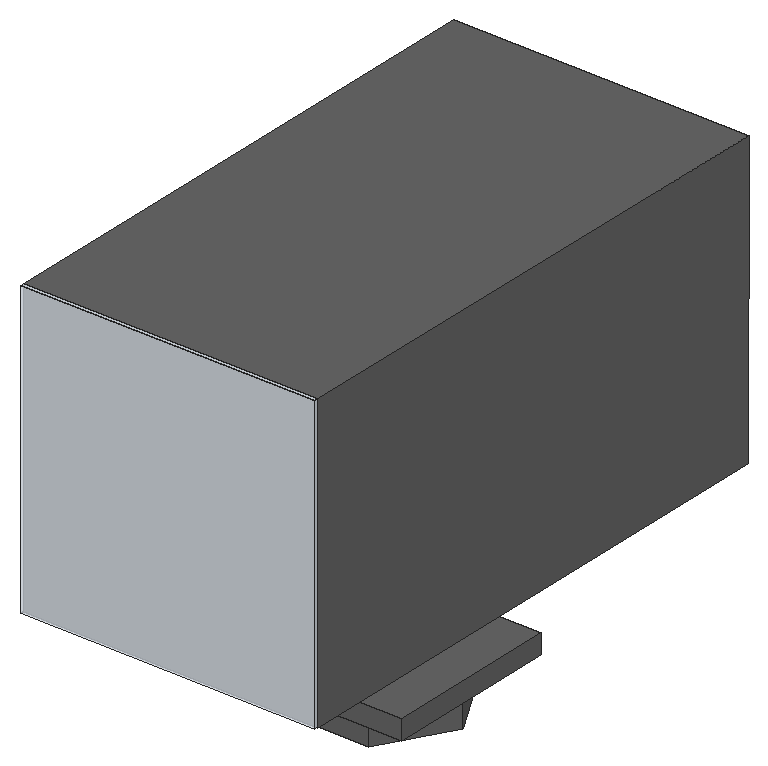
Revit family "LTC-6SQD-W", category Lighting Fixtures, host Face, Revit 2017
Family settings
  Host = Face
  Round Connector Dimension = Use Diameter
  Part Type = Normal
  OmniClass Number = 23.80.70.11.14.11
  OmniClass Title = Downlights
  Cut with Voids When Loaded = No
  Light Source = Yes
  Shared = No
  Room Calculation Point = No
Parameters (values of type "LTC-6SQD-W")
  Wattage Comments = "8-52W"  # constant formula
  Wattage = 70 W
  Warranty = "• 5 year warranty\r\n• See HLI Standard Warranty for\r\nadditional information"  # constant formula
  built-in parameter 1150110 = 1 (stored number, unit not read)
  Voltage = 120 V
  built-in parameter 1114217 = 1 (stored number, unit not read)
  Tilt Angle = -90.00°  # constant formula
  built-in parameter 1150109 = 1 (stored number, unit not read)
  built-in parameter 1150134 = 3
  built-in parameter 1150113 = 1 (stored number, unit not read)
  Recessed = yes
  Photometric Web File = "LTC-6SQD-P-06L35K8MD-DM1-S-BL.ies"
  Features = "•\t6inch architectural LED square downlight and wall wash cylinder delivering 600 - 4000 lm\r\n•\t4 beam distributions from 0.6 to 1.2 Spacing Criteria\r\n•\tQuiet reflector appearance with 50º optical cutoff\r\n•\t2700K - 5000K, 80+ and 90+ CRI options\r\n•\tAvailable in Surface, Wall, Pendant, or Cord Mount configurations\r\n•\tPowerHUBB™ enables low-voltage wired connectivity for Power over Ethernet (PoE) network system deployment\r\n•\t2 SDCM color consistency\r\n•\tLong life L90 at 55,000 hrs (TM-21)\r\n•\tFive year warranty\r\n\r\n"  # constant formula
  built-in parameter 1150105 = -12994800 (stored number, unit not read)
  Lumens = 4900 lm
  built-in parameter 1150115 = 1 (stored number, unit not read)
  built-in parameter 1150137 = (empty or 0)
  built-in parameter 1150139 = (empty or 0)
  built-in parameter 1150112 = 1 (stored number, unit not read)
  built-in parameter 1150114 = 1 (stored number, unit not read)
  built-in parameter 1150132 = (empty or 0)
  built-in parameter 1150102 = (empty or 0)
  built-in parameter 1150107 = 3200 (stored number, unit not read)
  built-in parameter 1150138 = (empty or 0)
  built-in parameter 1150106 = -129948 (stored number, unit not read)
  Emit from Rectangle Width = 7.500"  # constant formula
  Emit from Rectangle Length = 7.500"  # constant formula
  Emit Shape Visible in Rendering = no
  built-in parameter 1150104 = 6.5032 (stored number, unit not read)
  Distance = 10.470"
  Dimming Lamp Color Temperature Shift = <None>
  Copyright = "© 2021 Prescolite, a division of Hubbell Lighting, Inc"  # constant formula
  Contact us = "https://www.hubbell.com/prescolite/en/contactUs"
  Color Filter = 16777215
  Certifications = "• cCSAus certified to UL 1598\r\n• Wall Mount: Suitable for wet locations\r\n• Surface & Pendant Mount: Suitable for wet\r\nlocations under covered ceiling\r\n• Cord Mount and all Wall Wash: Suitable for\r\ndamp locations"  # constant formula
  Canopy Height = 0.500"
  Canopy Distance = 4.500"
  built-in parameter 1114218 = 1 (stored number, unit not read)
  Ballast = Paint - Hubbell - Carbon Black
  URL = "https://www.hubbell.com/prescolite/en"
  Product Page URL = "https://www.hubbell.com/prescolite/en/Products/Lighting-Controls/Commercial-Indoor-Lighting/Cylinders/LITEISTRY-6-Square-Cylinder/p/3775907"
  Product Documentation Link = "https://hubbellcdn.com/specsheet/LTC-6SQD.pdf"
  Model = "LTC-6SQD"  # constant formula
  Manufacturer = "Prescolite"  # constant formula
  Lamp = "LED Lamp"
  Reflector = Glass - Hubbell - Glass
  Description = "LITEISTRY™ 6inch Square Cylinder "  # constant formula
  Default Elevation = 48.000"
  Backbox = Hubbell - Matt Black
  built-in parameter 1150133 = 10 (stored number, unit not read)
  Apparent Load = 72 VA  # constant formula
Types (5): name | Recessed | Distance | Canopy Height | Canopy Distance
  (no name) | yes | 10.470" | 0.500" | 4.500"
  LTC-6SQD-W | yes | 10.470" | 0.500" | 4.500"
  LTC-6SQD-WCC | no | 12.690" | 3.000" | 5.740"
  LTC-6SQD-WPC | yes | 12.690" | 3.000" | 7.750"
  LTC-6SQD-WPCC | no | 14.190" | 4.500" | 7.830"
Reference planes (in)
  plane 1 "Center (Front/Back)": y = 0
  plane 2: z = 0
  plane 3 "Center (Left/Right)": x = 0
  plane 4: z = 2.88
  plane 5: x = -2.8505
  plane 6: x = 2.7495
  plane 7: x = 2.25
  plane 8: x = -2.25
  plane 9: z = 0.5
  plane 10: y = 2.25
  plane 11: y = -2.25
  plane 12: y = 7
  plane 13: y = -7
  plane 14: z = 10.47
  plane 15: x = 3.795
  plane 16: x = -3.795
  plane 17: z = 6.675
Forms (in)
  Extrusion 1, solid, material "Hubbell - Matt Black" <- "Backbox"
    sketch origin (-0.0505, 0.00841, 1.00792) x (0, 1, 0) y (0, 0, 1)
      loop
        line (2.24159, -1.00792) -> (2.24159, -0.50792) -> (-2.25841, -0.50792) -> (-2.25841, -1.00792) -> (2.24159, -1.00792)
    from -2.1995 to 2.3005
  Extrusion 2, solid, material "Paint - Hubbell - Carbon Black" <- "Ballast"
    sketch origin (-0.0505, 0.00841, 0) x (0, 1, 0) y (0, 0, 1)
      loop
        line (0.97237, 0.3077) -> (0.97237, 6.675) -> (-1.03763, 6.675) -> (-1.03763, 0.3077) -> (0.97237, 0.3077)
    from -0.88539 to 0.81657
  Extrusion 3, solid, material "Paint - Hubbell - Carbon Black" <- "Ballast"
    sketch origin (-0.0505, 1, 2.18) x (0, 1, 0) y (0, 0, 1)
      loop
        line (6, 8.29) -> (-7.89784, 8.29) -> (-7.89784, 0.7) -> (6, 0.7) -> (6, 8.29)
    from -3.7445 to 3.8455
  Extrusion 4, solid, material "Glass - Hubbell - Glass" <- "Reflector"
    sketch origin (-0.0505, -0.89784, 3.28125) x (1, 0, 0) y (0, 0, 1)
      loop
        line (-3.7445, -0.40125) -> (3.8455, -0.40125) -> (3.8455, 7.18875) -> (-3.7445, 7.18875) -> (-3.7445, -0.40125)
    from 6 to 6.1
  Extrusion 5, solid, material "Paint - Hubbell - Carbon Black" <- "Ballast", visible <- "Recessed"
    sketch origin (7.83986, -180, 7.93836) x (-1, 0, 0) y (0, -1, 0)
      loop
        line (8.85023, -181.75) -> (9.86059, -180) -> (8.85023, -178.25) -> (6.8295, -178.25) -> (5.81914, -180) -> (6.8295, -181.75) -> (8.85023, -181.75)
    from -8.7365 to -7.93836
Dimensions and locks (in)
  locked: Extrusion 2 sketch curve to Extrusion 2 sketch curve at 2.01
  equal spacing: plane 7, plane 3 "Center (Left/Right)", plane 8
  "Canopy Distance": plane 7 to plane 8
  "Canopy Height": plane 9 to host face
  equal spacing: plane 10, plane 1 "Center (Front/Back)", plane 11
  "Canopy Distance": plane 10 to plane 11
  "Distance": plane 14 to plane 2
  plane 14 to plane 4 = 7.590"
  locked: plane 14 to plane 17 at 3.795
  aligned and locked: plane 2 to host face
  aligned and locked: plane 3 "Center (Left/Right)" to imposter light
  aligned and locked: plane 4 to Extrusion 3 sketch curve
  aligned and locked: Extrusion 3 to Extrusion 4  (x2)
  aligned and locked: Extrusion 1 to plane 9
  aligned and locked: plane 7 to Extrusion 1
  aligned and locked: Extrusion 1 to plane 8
  aligned and locked: Extrusion 1 to plane 10
  aligned and locked: plane 11 to Extrusion 1
  aligned and locked: Extrusion 3 sketch curve to plane 14
  aligned and locked: plane 14 to Extrusion 4
  aligned and locked: Extrusion 4 to plane 16
  aligned and locked: Extrusion 3 to plane 16
  aligned and locked: plane 15 to Extrusion 4
  aligned and locked: plane 15 to Extrusion 3
  aligned and locked: plane 17 to imposter light
  aligned and locked: plane 17 to Extrusion 2
  aligned and locked: level to Extrusion 5
Automatic sketch dimensions
  host sketch curve to host sketch curve = 96.000"  (x2)
  Extrusion 1 sketch curve to level = 0.000"
  plane 9 to Extrusion 1 sketch curve = 0.000"
  level to Extrusion 2 sketch curve = 0.3077"
  Extrusion 2 sketch curve to plane 9 = 6.175"
  Extrusion 4 sketch curve to plane 5 = 0.9445"
  plane 6 to Extrusion 4 sketch curve = 1.0455"
  Extrusion 4 sketch curve to Extrusion 4 sketch curve = 7.590"
  plane 1 "Center (Front/Back)" to Extrusion 1 sketch curve = 2.250"
  Extrusion 1 sketch curve to plane 1 "Center (Front/Back)" = 2.250"
  plane 1 "Center (Front/Back)" to Extrusion 2 sketch curve = 1.02922"
  plane 1 "Center (Front/Back)" to Extrusion 3 sketch curve = 6.89784"
  Extrusion 3 sketch curve to plane 1 "Center (Front/Back)" = 7.000"
  Extrusion 4 sketch curve to plane 9 = 2.380"
Connectors (in)
  electrical at (0, 0, 0), driven by "Description", driven by "Voltage", driven by "Apparent Load"
    settings: index 1, voltage 120 V, apparent load 72 VA, apparent load phase1 0 VA, apparent load phase2 0 VA, apparent load phase3 0 VA, power factor 1, load classification "Other", number of poles 1, system type 30, power factor state 1, is connector primary yes, connector utility no, sub classification motor no, connector description "LITEISTRY™ 6inch Square Cylinder "
